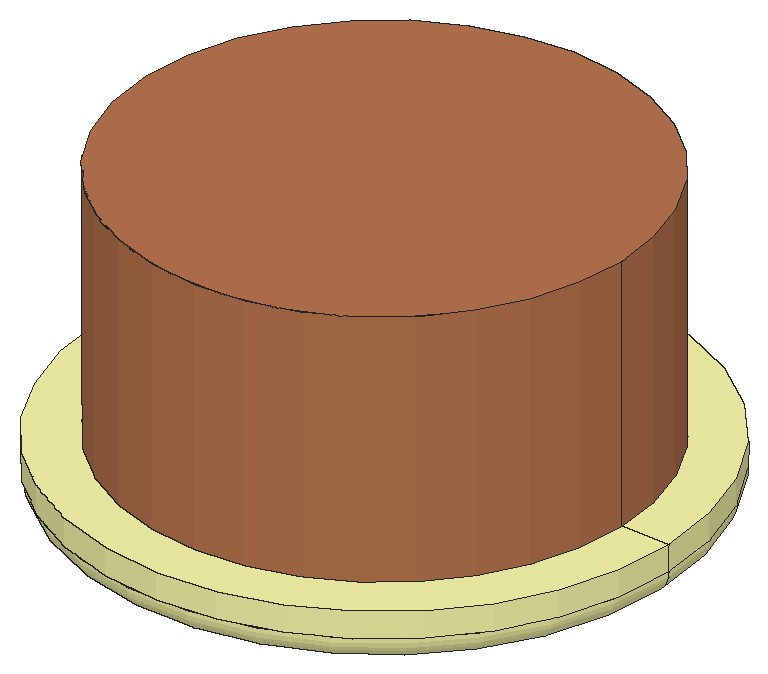
Revit family "EPA_Recessed Ceiling Mounted Speaker", category Electrical Fixtures, Revit 2013
Parameters
  Lt = Whitecroft Lighting_Polycarbonate
  Load Classification = Ltg
  Glass = Glass, Green
  Apparent Load = 35 VA
Reference planes
  plane 1 "Light Source Axis (F/B)": y = 0
  plane 2: z = 0
  plane 3 "Light Source Axis (L/R)": x = 0
  plane 4 "Light Source Elevation": z = -25
  plane 5: x = -150
  plane 6: x = -125
  plane 7: z = -13
Forms (mm)
  Revolve 1, solid, material "Face Plate"
    sketch origin (0, 0, 0) x (1, 0, 0) y (0, 0, 1)
      loop
        line (-150, 0) -> (-150, -13)
        arc (-150, -13) -> (-137.5, -25.5) -> (-125, -13) r 12.5
        line (-125, -13) -> (-125, 0) -> (-150, 0)
      axis (0, 0) -> (0, -13)
    angle from 0 to 360
  Extrusion 2, solid, material "Light Body"
    sketch origin (0, 0, -25) x (0, -1, 0) y (1, 0, 0)
      loop
        circle (0, 0) r 125
    from 0 to 150
  Extrusion 3, void
    sketch origin (0, 0, -25) x (0, -1, 0) y (1, 0, 0)
      loop
        circle (0, 0) r 5
    from 0 to 10
  Extrusion 4, void
    sketch origin (20, 0, -25) x (0, -1, 0) y (1, 0, 0)
      loop
        circle (0, 0) r 5
    from 0 to 10
  Extrusion 5, void
    sketch origin (40, 0, -25) x (0, -1, 0) y (1, 0, 0)
      loop
        circle (0, 0) r 5
    from 0 to 10
  Extrusion 6, void
    sketch origin (60, 0, -25) x (0, -1, 0) y (1, 0, 0)
      loop
        circle (0, 0) r 5
    from 0 to 10
  Extrusion 7, void
    sketch origin (80, 0, -25) x (0, -1, 0) y (1, 0, 0)
      loop
        circle (0, 0) r 5
    from 0 to 10
  Extrusion 8, void
    sketch origin (100, 0, -25) x (0, -1, 0) y (1, 0, 0)
      loop
        circle (0, 0) r 5
    from 0 to 10
  Extrusion 9, void
    sketch origin (14.142, 14.142, -25) x (0.707107, -0.707107, 0) y (0.707107, 0.707107, 0)
      loop
        circle (0, 0) r 5
    from 0 to 10
  Extrusion 10, void
    sketch origin (28.284, 28.284, -25) x (0.707107, -0.707107, 0) y (0.707107, 0.707107, 0)
      loop
        circle (0, 0) r 5
    from 0 to 10
  Extrusion 11, void
    sketch origin (42.426, 42.426, -25) x (0.707107, -0.707107, 0) y (0.707107, 0.707107, 0)
      loop
        circle (0, 0) r 5
    from 0 to 10
  Extrusion 12, void
    sketch origin (56.569, 56.569, -25) x (0.707107, -0.707107, 0) y (0.707107, 0.707107, 0)
      loop
        circle (0, 0) r 5
    from 0 to 10
  Extrusion 13, void
    sketch origin (70.711, 70.711, -25) x (0.707107, -0.707107, 0) y (0.707107, 0.707107, 0)
      loop
        circle (0, 0) r 5
    from 0 to 10
  Extrusion 14, void
    sketch origin (0, 20, -25) x (1, 0, 0) y (0, 1, 0)
      loop
        circle (0, 0) r 5
    from 0 to 10
  Extrusion 15, void
    sketch origin (0, 40, -25) x (1, 0, 0) y (0, 1, 0)
      loop
        circle (0, 0) r 5
    from 0 to 10
  Extrusion 16, void
    sketch origin (0, 60, -25) x (1, 0, 0) y (0, 1, 0)
      loop
        circle (0, 0) r 5
    from 0 to 10
  Extrusion 17, void
    sketch origin (0, 80, -25) x (1, 0, 0) y (0, 1, 0)
      loop
        circle (0, 0) r 5
    from 0 to 10
  Extrusion 18, void
    sketch origin (0, 100, -25) x (1, 0, 0) y (0, 1, 0)
      loop
        circle (0, 0) r 5
    from 0 to 10
  Extrusion 19, void
    sketch origin (-14.142, 14.142, -25) x (0.707107, 0.707107, 0) y (-0.707107, 0.707107, 0)
      loop
        circle (0, 0) r 5
    from 0 to 10
  Extrusion 20, void
    sketch origin (-28.284, 28.284, -25) x (0.707107, 0.707107, 0) y (-0.707107, 0.707107, 0)
      loop
        circle (0, 0) r 5
    from 0 to 10
  Extrusion 21, void
    sketch origin (-42.426, 42.426, -25) x (0.707107, 0.707107, 0) y (-0.707107, 0.707107, 0)
      loop
        circle (0, 0) r 5
    from 0 to 10
  Extrusion 22, void
    sketch origin (-56.569, 56.569, -25) x (0.707107, 0.707107, 0) y (-0.707107, 0.707107, 0)
      loop
        circle (0, 0) r 5
    from 0 to 10
  Extrusion 23, void
    sketch origin (-70.711, 70.711, -25) x (0.707107, 0.707107, 0) y (-0.707107, 0.707107, 0)
      loop
        circle (0, 0) r 5
    from 0 to 10
  Extrusion 24, void
    sketch origin (-20, 0, -25) x (0, 1, 0) y (-1, 0, 0)
      loop
        circle (0, 0) r 5
    from 0 to 10
  Extrusion 25, void
    sketch origin (-40, 0, -25) x (0, 1, 0) y (-1, 0, 0)
      loop
        circle (0, 0) r 5
    from 0 to 10
  Extrusion 26, void
    sketch origin (-60, 0, -25) x (0, 1, 0) y (-1, 0, 0)
      loop
        circle (0, 0) r 5
    from 0 to 10
  Extrusion 27, void
    sketch origin (-80, 0, -25) x (0, 1, 0) y (-1, 0, 0)
      loop
        circle (0, 0) r 5
    from 0 to 10
  Extrusion 28, void
    sketch origin (-100, 0, -25) x (0, 1, 0) y (-1, 0, 0)
      loop
        circle (0, 0) r 5
    from 0 to 10
  Extrusion 29, void
    sketch origin (-14.142, -14.142, -25) x (-0.707107, 0.707107, 0) y (-0.707107, -0.707107, 0)
      loop
        circle (0, 0) r 5
    from 0 to 10
  Extrusion 30, void
    sketch origin (-28.284, -28.284, -25) x (-0.707107, 0.707107, 0) y (-0.707107, -0.707107, 0)
      loop
        circle (0, 0) r 5
    from 0 to 10
  Extrusion 31, void
    sketch origin (-42.426, -42.426, -25) x (-0.707107, 0.707107, 0) y (-0.707107, -0.707107, 0)
      loop
        circle (0, 0) r 5
    from 0 to 10
  Extrusion 32, void
    sketch origin (-56.569, -56.569, -25) x (-0.707107, 0.707107, 0) y (-0.707107, -0.707107, 0)
      loop
        circle (0, 0) r 5
    from 0 to 10
  Extrusion 33, void
    sketch origin (-70.711, -70.711, -25) x (-0.707107, 0.707107, 0) y (-0.707107, -0.707107, 0)
      loop
        circle (0, 0) r 5
    from 0 to 10
  Extrusion 34, void
    sketch origin (0, -20, -25) x (-1, 0, 0) y (0, -1, 0)
      loop
        circle (0, 0) r 5
    from 0 to 10
  Extrusion 35, void
    sketch origin (0, -40, -25) x (-1, 0, 0) y (0, -1, 0)
      loop
        circle (0, 0) r 5
    from 0 to 10
  Extrusion 36, void
    sketch origin (0, -60, -25) x (-1, 0, 0) y (0, -1, 0)
      loop
        circle (0, 0) r 5
    from 0 to 10
  Extrusion 37, void
    sketch origin (0, -80, -25) x (-1, 0, 0) y (0, -1, 0)
      loop
        circle (0, 0) r 5
    from 0 to 10
  Extrusion 38, void
    sketch origin (0, -100, -25) x (-1, 0, 0) y (0, -1, 0)
      loop
        circle (0, 0) r 5
    from 0 to 10
  Extrusion 39, void
    sketch origin (14.142, -14.142, -25) x (-0.707107, -0.707107, 0) y (0.707107, -0.707107, 0)
      loop
        circle (0, 0) r 5
    from 0 to 10
  Extrusion 40, void
    sketch origin (28.284, -28.284, -25) x (-0.707107, -0.707107, 0) y (0.707107, -0.707107, 0)
      loop
        circle (0, 0) r 5
    from 0 to 10
  Extrusion 41, void
    sketch origin (42.426, -42.426, -25) x (-0.707107, -0.707107, 0) y (0.707107, -0.707107, 0)
      loop
        circle (0, 0) r 5
    from 0 to 10
  Extrusion 42, void
    sketch origin (56.569, -56.569, -25) x (-0.707107, -0.707107, 0) y (0.707107, -0.707107, 0)
      loop
        circle (0, 0) r 5
    from 0 to 10
  Extrusion 43, void
    sketch origin (70.711, -70.711, -25) x (-0.707107, -0.707107, 0) y (0.707107, -0.707107, 0)
      loop
        circle (0, 0) r 5
    from 0 to 10
  Extrusion 44, void
    sketch origin (37.007, 14.959, -25) x (0.707107, -0.707107, 0) y (0.707107, 0.707107, 0)
      loop
        circle (0, 0) r 5
    from 0 to 10
  Extrusion 45, void
    sketch origin (55.292, 22.533, -25) x (0.707107, -0.707107, 0) y (0.707107, 0.707107, 0)
      loop
        circle (0, 0) r 5
    from 0 to 10
  Extrusion 46, void
    sketch origin (73.818, 30.206, -25) x (0.707107, -0.707107, 0) y (0.707107, 0.707107, 0)
      loop
        circle (0, 0) r 5
    from 0 to 10
  Extrusion 47, void
    sketch origin (92.44, 37.92, -25) x (0.707107, -0.707107, 0) y (0.707107, 0.707107, 0)
      loop
        circle (0, 0) r 5
    from 0 to 10
  Extrusion 48, void
    sketch origin (36.745, -15.59, -25) x (0, -1, 0) y (1, 0, 0)
      loop
        circle (0, 0) r 5
    from 0 to 10
  Extrusion 49, void
    sketch origin (55.03, -23.164, -25) x (0, -1, 0) y (1, 0, 0)
      loop
        circle (0, 0) r 5
    from 0 to 10
  Extrusion 50, void
    sketch origin (73.556, -30.838, -25) x (0, -1, 0) y (1, 0, 0)
      loop
        circle (0, 0) r 5
    from 0 to 10
  Extrusion 51, void
    sketch origin (92.178, -38.551, -25) x (0, -1, 0) y (1, 0, 0)
      loop
        circle (0, 0) r 5
    from 0 to 10
  Extrusion 52, void
    sketch origin (15.59, 36.745, -25) x (1, 0, 0) y (0, 1, 0)
      loop
        circle (0, 0) r 5
    from 0 to 10
  Extrusion 53, void
    sketch origin (23.164, 55.03, -25) x (1, 0, 0) y (0, 1, 0)
      loop
        circle (0, 0) r 5
    from 0 to 10
  Extrusion 54, void
    sketch origin (30.838, 73.556, -25) x (1, 0, 0) y (0, 1, 0)
      loop
        circle (0, 0) r 5
    from 0 to 10
  Extrusion 55, void
    sketch origin (38.551, 92.178, -25) x (1, 0, 0) y (0, 1, 0)
      loop
        circle (0, 0) r 5
    from 0 to 10
  Extrusion 56, void
    sketch origin (-14.959, 37.007, -25) x (0.707107, 0.707107, 0) y (-0.707107, 0.707107, 0)
      loop
        circle (0, 0) r 5
    from 0 to 10
  Extrusion 57, void
    sketch origin (-22.533, 55.292, -25) x (0.707107, 0.707107, 0) y (-0.707107, 0.707107, 0)
      loop
        circle (0, 0) r 5
    from 0 to 10
  Extrusion 58, void
    sketch origin (-30.206, 73.818, -25) x (0.707107, 0.707107, 0) y (-0.707107, 0.707107, 0)
      loop
        circle (0, 0) r 5
    from 0 to 10
  Extrusion 59, void
    sketch origin (-37.92, 92.44, -25) x (0.707107, 0.707107, 0) y (-0.707107, 0.707107, 0)
      loop
        circle (0, 0) r 5
    from 0 to 10
  Extrusion 60, void
    sketch origin (-36.745, 15.59, -25) x (0, 1, 0) y (-1, 0, 0)
      loop
        circle (0, 0) r 5
    from 0 to 10
  Extrusion 61, void
    sketch origin (-55.03, 23.164, -25) x (0, 1, 0) y (-1, 0, 0)
      loop
        circle (0, 0) r 5
    from 0 to 10
  Extrusion 62, void
    sketch origin (-73.556, 30.838, -25) x (0, 1, 0) y (-1, 0, 0)
      loop
        circle (0, 0) r 5
    from 0 to 10
  Extrusion 63, void
    sketch origin (-92.178, 38.551, -25) x (0, 1, 0) y (-1, 0, 0)
      loop
        circle (0, 0) r 5
    from 0 to 10
  Extrusion 64, void
    sketch origin (-37.007, -14.959, -25) x (-0.707107, 0.707107, 0) y (-0.707107, -0.707107, 0)
      loop
        circle (0, 0) r 5
    from 0 to 10
  Extrusion 65, void
    sketch origin (-55.292, -22.533, -25) x (-0.707107, 0.707107, 0) y (-0.707107, -0.707107, 0)
      loop
        circle (0, 0) r 5
    from 0 to 10
  Extrusion 66, void
    sketch origin (-73.818, -30.206, -25) x (-0.707107, 0.707107, 0) y (-0.707107, -0.707107, 0)
      loop
        circle (0, 0) r 5
    from 0 to 10
  Extrusion 67, void
    sketch origin (-92.44, -37.92, -25) x (-0.707107, 0.707107, 0) y (-0.707107, -0.707107, 0)
      loop
        circle (0, 0) r 5
    from 0 to 10
  Extrusion 68, void
    sketch origin (-15.59, -36.745, -25) x (-1, 0, 0) y (0, -1, 0)
      loop
        circle (0, 0) r 5
    from 0 to 10
  Extrusion 69, void
    sketch origin (-23.164, -55.03, -25) x (-1, 0, 0) y (0, -1, 0)
      loop
        circle (0, 0) r 5
    from 0 to 10
  Extrusion 70, void
    sketch origin (-30.838, -73.556, -25) x (-1, 0, 0) y (0, -1, 0)
      loop
        circle (0, 0) r 5
    from 0 to 10
  Extrusion 71, void
    sketch origin (-38.551, -92.178, -25) x (-1, 0, 0) y (0, -1, 0)
      loop
        circle (0, 0) r 5
    from 0 to 10
  Extrusion 72, void
    sketch origin (14.959, -37.007, -25) x (-0.707107, -0.707107, 0) y (0.707107, -0.707107, 0)
      loop
        circle (0, 0) r 5
    from 0 to 10
  Extrusion 73, void
    sketch origin (22.533, -55.292, -25) x (-0.707107, -0.707107, 0) y (0.707107, -0.707107, 0)
      loop
        circle (0, 0) r 5
    from 0 to 10
  Extrusion 74, void
    sketch origin (30.206, -73.818, -25) x (-0.707107, -0.707107, 0) y (0.707107, -0.707107, 0)
      loop
        circle (0, 0) r 5
    from 0 to 10
  Extrusion 75, void
    sketch origin (37.92, -92.44, -25) x (-0.707107, -0.707107, 0) y (0.707107, -0.707107, 0)
      loop
        circle (0, 0) r 5
    from 0 to 10
Cuts and joins
  Extrusion 3, Extrusion 4, Extrusion 5, Extrusion 6, Extrusion 7, Extrusion 8, Extrusion 9, Extrusion 10, Extrusion 11, Extrusion 12, Extrusion 13, Extrusion 14, Extrusion 15, Extrusion 16, Extrusion 17, Extrusion 18, Extrusion 19, Extrusion 20, Extrusion 21, Extrusion 22, Extrusion 23, Extrusion 24, Extrusion 25, Extrusion 26, Extrusion 27, Extrusion 28, Extrusion 29, Extrusion 30, Extrusion 31, Extrusion 32, Extrusion 33, Extrusion 34, Extrusion 35, Extrusion 36, Extrusion 37, Extrusion 38, Extrusion 39, Extrusion 40, Extrusion 41, Extrusion 42, Extrusion 43, Extrusion 44, Extrusion 45, Extrusion 46, Extrusion 47, Extrusion 48, Extrusion 49, Extrusion 50, Extrusion 51, Extrusion 52, Extrusion 53, Extrusion 54, Extrusion 55, Extrusion 56, Extrusion 57, Extrusion 58, Extrusion 59, Extrusion 60, Extrusion 61, Extrusion 62, Extrusion 63, Extrusion 64, Extrusion 65, Extrusion 66, Extrusion 67, Extrusion 68, Extrusion 69, Extrusion 70, Extrusion 71, Extrusion 72, Extrusion 73, Extrusion 74, Extrusion 75 cuts Extrusion 2
Dimensions and locks
  level to plane 4 "Light Source Elevation" = 25 mm
  plane 3 "Light Source Axis (L/R)" to plane 5 = 150 mm
  aligned and locked: plane 2 to level
Nested families
  nested 1: "EPA_SPK_RCM" at (0, 0, 0), type "EPA_SPK_RCM"
Definition of nested family "EPA_SPK_RCM"
  Reference planes
    plane 1: y = 0
    plane 2: x = 0
  Lines and regions (mm)
    detail lines, style "PA Symbols"
      curve 1: line (2.028, 0, 0) -> (1.014, 1.757, 0)
      curve 2: line (1.014, 1.757, 0) -> (-1.014, 1.757, 0)
      curve 3: line (-1.014, 1.757, 0) -> (-2.028, 0, 0)
      curve 4: line (-2.028, 0, 0) -> (-1.014, -1.757, 0)
      curve 5: line (-1.014, -1.757, 0) -> (1.014, -1.757, 0)
      curve 6: line (1.014, -1.757, 0) -> (2.028, 0, 0)
  Text (mm)
    text "SP" at (0.076, 1.443, 0)
